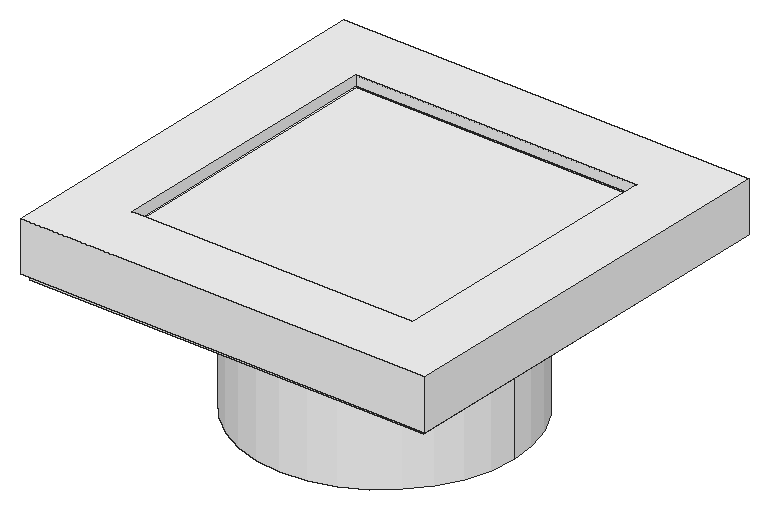
Revit family "Gira_012501", category Electrical Fixtures, host Face, Revit 2017
Family settings
  Host = Face
  Maintain Annotation Orientation = Yes
  Round Connector Dimension = Use Diameter
  Part Type = Normal
  Cut with Voids When Loaded = No
  Shared = No
  Room Calculation Point = No
Parameters (values of type "Tastschalter Serien System 55 Cremeweiß")
  Zusammenstellung = "Basiselement mit zentraler Abdeckplatte"
  White [instance] = White
  Werkstoffgüte = "sonstige"
  Werkstoff = "sonstige"
  Waschmaschinenschalter = "No"
  URL = "http://katalog.gira.de/de_DE/datenblatt.html?artikelnr=012501"
  Textfeld/Beschriftungsfläche = "nein"
  Tastschalter = "Yes"
  Schaltungsart = "Serienschalter"
  Rückmeldekontakt = "No"
  Region = "DE"
  RAL-Nummer (ähnlich) = "1013 "
  Oberfläche = "sonstige"
  Nennspannung = "250 Volt"
  Name = "Tastschalter Serien System 55 Cremeweiß"
  Montageart = "unter Putz"
  Model = "Sys55_Komplettgerät_Schalten und Tasten"
  Mit Montageplatte = "No"
  Manufacturer URL = "https://www.gira.de/"
  HeinzeBIM = "https://bimportal.heinze.de/bim/tastschalter-serien-system-55-cremeweiss/34deb3200e05a440972c670379ab1e5868ccb840"
  Halogenfrei = "Yes"
  HAN = "012501"
  Geeignet für Schutzart (IP) = "IP20"
  GTIN = "4010337125013"
  Farbe = "cremeweiß (elektroweiß)"
  Default Elevation = 1219.2 mm
  Data sheet (1) = "https://katalog.gira.de/de_DE/download.html?artikelnr=012501"
  Category = "Installationsschalter"
  Bemessungsstrom = "10 Ampere"
  Beleuchtung = "nein"
  Befestigungsart = "Krallen-/Schraubbefestigung"
  Bedienungsart = "Wippe/Taste"
  Available = "Yes"
  Ausführung der Oberfläche = "glänzend"
  Anzahl der Module (bei Modulbauweise) = "1 "
  Anzahl der Betätigungswippen = "2 "
  Anschlussart = "Steckklemme"
Reference planes
  plane 1 "Center (Front/Back)": y = 0
  plane 2: z = 0
  plane 3 "Center (Left/Right)": x = 0
Forms (mm)
  Extrusion 1, solid, material "White" <- "White", detail levels medium
    sketch origin (0, 0, 0) x (1, 0, 0) y (0, 1, 0)
      loop
        line (-40.4, 40.4) -> (-40.4, -40.4) -> (40.4, -40.4) -> (40.4, 40.4) -> (-40.4, 40.4)
      loop
        line (-28, 28) -> (-28, -28) -> (28, -28) -> (28, 28) -> (-28, 28)
    from 0 to 10
  Extrusion 2, solid, material "White" <- "White", detail levels fine
    sketch origin (0, 0, 0) x (1, 0, 0) y (0, 1, 0)
      loop
        line (-40.4, 40.4) -> (-40.4, -40.4) -> (40.4, -40.4) -> (40.4, 40.4) -> (-40.4, 40.4)
      loop
        line (-28, 28) -> (-28, -28) -> (28, -28) -> (28, 28) -> (-28, 28)
    from 0 to 10
  Extrusion 3, void
    sketch origin (0, 0, 0) x (1, 0, 0) y (0, 1, 0)
      loop
        line (-38.4, 38.4) -> (-38.4, -38.4) -> (38.4, -38.4) -> (38.4, 38.4) -> (-38.4, 38.4)
    from 0 to 8
  Extrusion 4, solid, material "White" <- "White", detail levels medium+fine
    sketch origin (0, 0, 0) x (1, 0, 0) y (0, 1, 0)
      loop
        line (-39.4, 39.4) -> (-39.4, -39.4) -> (39.4, -39.4) -> (39.4, 39.4) -> (-39.4, 39.4)
    from 0 to -1
  Extrusion 5, solid, material "White" <- "White", detail levels medium+fine
    sketch origin (0, 0, 0) x (1, 0, 0) y (0, 1, 0)
      loop
        line (-35.5, 35.5) -> (-35.5, -35.5) -> (35.5, -35.5) -> (35.5, 35.5) -> (-35.5, 35.5)
    from -2 to -3
  Extrusion 6, solid, material "White" <- "White", detail levels medium+fine
    sketch origin (0, 0, 0) x (1, 0, 0) y (0, 1, 0)
      loop
        circle (0, 0) r 26
    from 0 to -27.5
  Extrusion 7, solid, material "White" <- "White", detail levels coarse
    sketch origin (0, 0, 0) x (1, 0, 0) y (0, 1, 0)
      loop
        line (-40.4, 40.4) -> (-40.4, -40.4) -> (40.4, -40.4) -> (40.4, 40.4) -> (-40.4, 40.4)
    from -27.5 to 10
Cuts and joins
  Extrusion 3 cuts Extrusion 2
Dimensions and locks
  aligned and locked: plane 2 to host face
  aligned and locked: level to host face
  aligned and locked: plane 3 "Center (Left/Right)" to nested 2
  aligned and locked: plane 1 "Center (Front/Back)" to nested 2
Nested families
  nested 1: "Sys55_Abdeckung_Schalten und Tasten_floor_base" at (0, 0, 0), type "Sys55_Abdeckung_Schalten und Tasten_floor_base"
  nested 2: "Schalter" at (0, 0, 0), type "Schalter"
Connectors
  electrical at (0, 0, -27.5)
    settings: on Extrusion 6, index 1, voltage 220 V, apparent load 0 VA, apparent load phase1 0 VA, apparent load phase2 0 VA, apparent load phase3 0 VA, power factor 1, load classification "Other", number of poles 1, system type 30, power factor state 1, is connector primary yes, connector utility no, sub classification motor no, connector description ""
Definition of nested family "Sys55_Abdeckung_Schalten und Tasten_floor_base"
  Parameters
    Default Elevation = 1219.2 mm
    White [instance] = none
  Reference planes
    plane 1 "Center (Front/Back)": y = 0
    plane 2: z = 0
    plane 3 "Center (Left/Right)": x = 0
  Forms (mm)
    Extrusion 1, solid
      sketch origin (0, 0, 0) x (1, 0, 0) y (0, 1, 0)
        loop
          line (-1219.2, 1219.2) -> (-1219.2, -1219.2) -> (1219.2, -1219.2) -> (1219.2, 1219.2) -> (-1219.2, 1219.2)
      from 0 to -304.8
    Extrusion 2, solid, material <- "White", detail levels fine
      sketch origin (0, 0, 0) x (1, 0, 0) y (0, 1, 0)
        loop
          line (-27.5, 27.5) -> (-27.5, -27.5) -> (27.5, -27.5) -> (27.5, 27.5) -> (-27.5, 27.5)
      from 0 to 8
    Extrusion 3, void
      sketch origin (0, 0, 0) x (1, 0, 0) y (0, 1, 0)
        loop
          line (26, 26) -> (-26, 26) -> (-26, -26) -> (26, -26) -> (26, 26)
      from 0 to 6
    Extrusion 4, solid, material <- "White", detail levels medium
      sketch origin (0, 0, 0) x (1, 0, 0) y (0, 1, 0)
        loop
          line (-27.5, 27.5) -> (-27.5, -27.5) -> (27.5, -27.5) -> (27.5, 27.5) -> (-27.5, 27.5)
      from 0 to 8
    Extrusion 5, solid, material <- "White", detail levels medium
      sketch origin (0, 0, 0) x (1, 0, 0) y (0, 1, 0)
        loop
          line (11, -17.5) -> (11, 17.5) -> (-11, 17.5) -> (-11, -17.5) -> (11, -17.5)
      from -6 to 6
    Extrusion 6, solid, material <- "White", detail levels fine
      sketch origin (0, 0, 0) x (1, 0, 0) y (0, 1, 0)
        loop
          line (11, 17.5) -> (-11, 17.5) -> (-11, 16.5) -> (11, 16.5) -> (11, 17.5)
        loop
          line (-11, -16.5) -> (-11, -17.5) -> (11, -17.5) -> (11, -16.5) -> (-11, -16.5)
      from -4 to 6
    Extrusion 7, solid, material <- "White", detail levels fine
      sketch origin (0, 0, 0) x (1, 0, 0) y (0, 1, 0)
        loop
          arc (5, 9.347) -> (0, 10.6) -> (-5, 9.347) r 10.6
          line (-5, 9.347) -> (-5, -9.347)
          arc (-5, -9.347) -> (0, -10.6) -> (5, -9.347) r 10.6
          line (5, -9.347) -> (5, 9.347)
      from -6 to 6
    Extrusion 8, solid, material <- "White", detail levels coarse
      sketch origin (0, 0, 0) x (1, 0, 0) y (0, 1, 0)
        loop
          line (-27.5, 27.5) -> (-27.5, -27.5) -> (27.5, -27.5) -> (27.5, 27.5) -> (-27.5, 27.5)
      from -6 to 8
  Cuts and joins
    Extrusion 3 cuts Extrusion 2
  Dimensions and locks
    aligned and locked: plane 2 to Extrusion 1
    aligned and locked: level to Extrusion 1
Definition of nested family "Schalter"
  Reference planes
    plane 1: y = 0
    plane 2: x = 0
  Lines and regions (mm)
    detail lines
      curve 1: circle (1.375, 2.778, 0) r 0.8 normal (0, 0, 1)
      curve 2: line (1.021, 2.061, 0) -> (0, 0, 0)
      curve 3: line (0, 0, 0) -> (-0.538, 0.266, 0)
  Dimensions and locks
    curve 2 to curve 2 = 2.3 mm
    curve 3 to curve 2 = 0.6 mm
    radius of curve 1 = 0.8 mm
